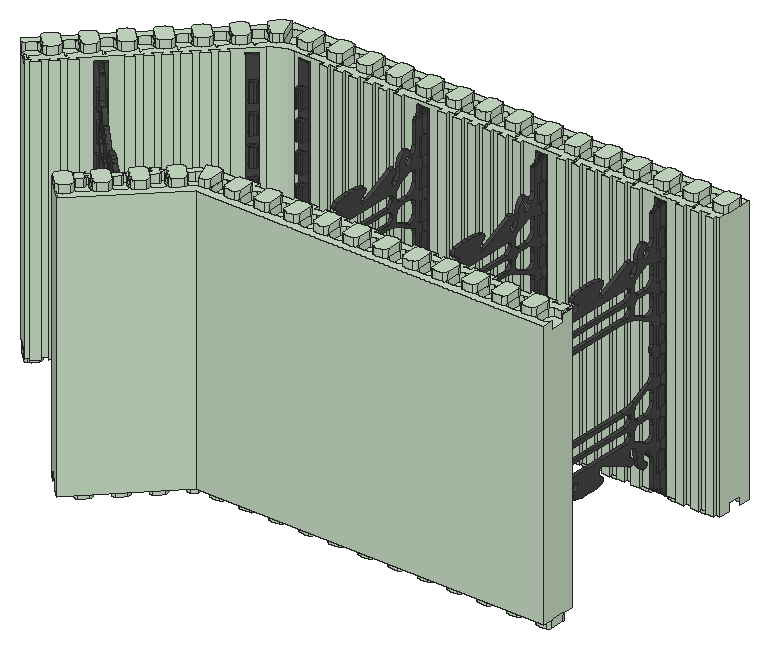
Revit family
Reference planes (in)
  plane 1 "Center (Front/Back)": y = 0
  plane 2: z = 0
  plane 3 "Center (Left/Right)": x = 0
  plane 4: y = 6
  plane 5: y = -6
  plane 6: through (-3.36396, 5.12132, 48) normal (0.7071, -0.7071, 0)
  plane 7: through (4.67464, 4.67464, 48) normal (0.7071, -0.7071, 0)
  plane 8: through (8.91728, 0.432, 48) normal (0.7071, -0.7071, 0)
  plane 9: z = 18
Forms (in)
  Extrusion 1, solid, material "NUDURA Expanded Polystyrene Foam Insulation"
    sketch origin (0, 0, 0) x (1, 0, 0) y (0, 1, 0)
      loop
        line (-3.57259, 8.625) -> (-13.84753, -1.64994) -> (-12.16815, -3.32932) -> (-11.96934, -3.13051) -> (-11.83664, -3.35136) -> (-11.43901, -2.95373) -> (-11.65986, -2.82103) -> (-11.26223, -2.4234) -> (-11.12953, -2.64425) -> (-10.7319, -2.24662) -> (-10.95276, -2.11392) -> (-10.55513, -1.71629) -> (-10.42243, -1.93714) -> (-10.0248, -1.53952) -> (-10.24565, -1.40681) -> (-8.43381, 0.40503) -> (-8.30111, 0.18418) -> (-7.90348, 0.58181) -> (-8.12433, 0.71451) -> (-7.7267, 1.11214) -> (-7.594, 0.89128) -> (-7.19637, 1.28891) -> (-7.41722, 1.42161) -> (-7.01959, 1.81924) -> (-6.88689, 1.59839) -> (-6.48926, 1.99602) -> (-6.71011, 2.12872) -> (-6.31249, 2.52635) -> (-6.17978, 2.3055) -> (-5.78216, 2.70313) -> (-6.00301, 2.83583) -> (-5.60538, 3.23346) -> (-5.47268, 3.0126) -> (-5.07505, 3.41023) -> (-5.2959, 3.54293) -> (-4.89827, 3.94056) -> (-4.76557, 3.71971) -> (-4.36794, 4.11734) -> (-4.58879, 4.25004) -> (-3.17462, 5.66421)
        arc (-3.17462, 5.66421) -> (-2.52577, 6.09776) -> (-1.76041, 6.25) r 2
        line (-1.76041, 6.25) -> (0.23954, 6.25) -> (0.1772, 6) -> (0.73954, 6) -> (0.6772, 6.25) -> (1.23954, 6.25) -> (1.1772, 6) -> (1.73954, 6) -> (1.6772, 6.25) -> (2.23954, 6.25) -> (2.1772, 6) -> (2.73954, 6) -> (2.6772, 6.25) -> (3.23954, 6.25) -> (3.1772, 6) -> (3.73954, 6) -> (3.6772, 6.25) -> (4.23954, 6.25) -> (4.1772, 6) -> (4.73954, 6) -> (4.6772, 6.25) -> (5.23954, 6.25) -> (5.1772, 6) -> (5.73954, 6) -> (5.6772, 6.25) -> (8.23954, 6.25) -> (8.1772, 6) -> (8.73954, 6) -> (8.6772, 6.25) -> (9.23954, 6.25) -> (9.1772, 6) -> (9.73954, 6) -> (9.6772, 6.25) -> (10.23954, 6.25) -> (10.1772, 6) -> (10.73954, 6) -> (10.6772, 6.25) -> (11.23954, 6.25) -> (11.1772, 6) -> (11.73954, 6) -> (11.6772, 6.25) -> (12.23954, 6.25) -> (12.1772, 6) -> (12.73954, 6) -> (12.6772, 6.25) -> (13.23954, 6.25) -> (13.1772, 6) -> (13.73954, 6) -> (13.6772, 6.25) -> (16.23954, 6.25) -> (16.1772, 6) -> (16.73954, 6) -> (16.6772, 6.25) -> (17.23954, 6.25) -> (17.1772, 6) -> (17.73954, 6) -> (17.6772, 6.25) -> (18.23954, 6.25) -> (18.1772, 6) -> (18.73954, 6) -> (18.6772, 6.25) -> (19.23954, 6.25) -> (19.1772, 6) -> (19.73954, 6) -> (19.6772, 6.25) -> (20.23954, 6.25) -> (20.1772, 6) -> (20.73954, 6) -> (20.6772, 6.25) -> (21.23954, 6.25) -> (21.1772, 6) -> (21.73954, 6) -> (21.6772, 6.25) -> (24.23954, 6.25) -> (24.1772, 6) -> (24.73954, 6) -> (24.6772, 6.25) -> (25.23954, 6.25) -> (25.1772, 6) -> (25.73954, 6) -> (25.6772, 6.25) -> (26.23954, 6.25) -> (26.1772, 6) -> (26.73954, 6) -> (26.6772, 6.25) -> (26.95837, 6.25) -> (26.95837, 8.625) -> (-3.57259, 8.625)
      loop
        line (26.95837, -6.25) -> (26.6772, -6.25) -> (26.73954, -6) -> (26.1772, -6) -> (26.23954, -6.25) -> (25.6772, -6.25) -> (25.73954, -6) -> (25.1772, -6) -> (25.23954, -6.25) -> (24.6772, -6.25) -> (24.73954, -6) -> (24.1772, -6) -> (24.23954, -6.25) -> (21.6772, -6.25) -> (21.73954, -6) -> (21.1772, -6) -> (21.23954, -6.25) -> (20.6772, -6.25) -> (20.73954, -6) -> (20.1772, -6) -> (20.23954, -6.25) -> (19.6772, -6.25) -> (19.73954, -6) -> (19.1772, -6) -> (19.23954, -6.25) -> (18.6772, -6.25) -> (18.73954, -6) -> (18.1772, -6) -> (18.23954, -6.25) -> (17.6772, -6.25) -> (17.73954, -6) -> (17.1772, -6) -> (17.23954, -6.25) -> (16.6772, -6.25) -> (16.73954, -6) -> (16.1772, -6) -> (16.23954, -6.25) -> (13.6772, -6.25) -> (13.73954, -6) -> (13.1772, -6) -> (13.23954, -6.25) -> (12.6772, -6.25) -> (12.73954, -6) -> (12.1772, -6) -> (12.23954, -6.25) -> (11.6772, -6.25) -> (11.73954, -6) -> (11.1772, -6) -> (11.23954, -6.25) -> (10.6772, -6.25) -> (10.73954, -6) -> (10.1772, -6) -> (10.23954, -6.25) -> (9.6772, -6.25) -> (9.73954, -6) -> (9.1772, -6) -> (9.23954, -6.25) -> (8.6772, -6.25) -> (8.73954, -6) -> (8.1772, -6) -> (8.23954, -6.25) -> (5.6772, -6.25) -> (5.73954, -6) -> (5.1772, -6) -> (5.23954, -6.25) -> (3.41726, -6.25)
        arc (3.41726, -6.25) -> (2.6519, -6.40224) -> (2.00305, -6.83579) r 2
        line (2.00305, -6.83579) -> (1.42161, -7.41722) -> (1.28891, -7.19637) -> (0.89128, -7.594) -> (1.11214, -7.7267) -> (0.71451, -8.12433) -> (0.58181, -7.90348) -> (0.18418, -8.30111) -> (0.40503, -8.43381) -> (-1.40681, -10.24565) -> (-1.53952, -10.0248) -> (-1.93714, -10.42243) -> (-1.71629, -10.55513) -> (-2.11392, -10.95276) -> (-2.24662, -10.7319) -> (-2.64425, -11.12953) -> (-2.4234, -11.26223) -> (-2.82103, -11.65986) -> (-2.95373, -11.43901) -> (-3.35136, -11.83664) -> (-3.13051, -11.96934) -> (-3.32932, -12.16815) -> (-1.64994, -13.84753) -> (3.57259, -8.625) -> (26.95837, -8.625) -> (26.95837, -6.25)
    from 0 to 18
  Extrusion 2, solid, material "NUDURA Expanded Polystyrene Foam Insulation"
    sketch origin (-1.24264, 3, 0) x (1, 0, 0) y (0, 1, 0)
      loop
        line (-1.52741, 3.6875) -> (-2.09947, 5.06856)
        arc (-2.09947, 5.06856) -> (-2.3696, 4.92417) -> (-2.60638, 4.72985) r 1.5625
        line (-2.60638, 4.72985) -> (-2.74959, 4.58664)
        arc (-2.74959, 4.58664) -> (-2.85744, 4.46046) -> (-2.94431, 4.31902) r 1.0625
        arc (-2.94431, 4.31902) -> (-2.96867, 4.16628) -> (-2.8985, 4.02844) r 0.25
        line (-2.8985, 4.02844) -> (-2.24713, 3.37708)
        arc (-2.24713, 3.37708) -> (-2.10929, 3.3069) -> (-1.95655, 3.33126) r 0.25
        arc (-1.95655, 3.33126) -> (-1.81511, 3.41814) -> (-1.68893, 3.52598) r 1.0625
        line (-1.68893, 3.52598) -> (-1.52741, 3.6875)
    from 18 to 18.5
  Extrusion 3, solid, material "NUDURA Expanded Polystyrene Foam Insulation"
    sketch origin (-1.24264, 3, 0) x (1, 0, 0) y (0, 1, 0)
      loop
        line (-1.52741, 3.6875) -> (-1.29899, 3.6875)
        arc (-1.29899, 3.6875) -> (-1.13351, 3.70047) -> (-0.97207, 3.73905) r 1.0625
        arc (-0.97207, 3.73905) -> (-0.84684, 3.82983) -> (-0.79899, 3.97692) r 0.25
        line (-0.79899, 3.97692) -> (-0.79899, 4.89808)
        arc (-0.79899, 4.89808) -> (-0.84684, 5.04517) -> (-0.97207, 5.13595) r 0.25
        arc (-0.97207, 5.13595) -> (-1.13351, 5.17453) -> (-1.29899, 5.1875) r 1.0625
        line (-1.29899, 5.1875) -> (-1.50152, 5.1875)
        arc (-1.50152, 5.1875) -> (-1.80635, 5.15748) -> (-2.09947, 5.06856) r 1.5625
        line (-2.09947, 5.06856) -> (-1.52741, 3.6875)
    from 0 to -0.5
  Extrusion 4, void
    sketch origin (1.57355, -2.64461, 0) x (1, 0, 0) y (0, 1, 0)
      loop
        arc (-1.33783, -8.60117) -> (-1.07021, -8.40645) -> (-0.87549, -8.13883) r 1.0625
        arc (-0.87549, -8.13883) -> (-0.85114, -7.98608) -> (-0.92131, -7.84824) r 0.25
        line (-0.92131, -7.84824) -> (-1.57267, -7.19688)
        arc (-1.57267, -7.19688) -> (-1.64938, -7.14456) -> (-1.7399, -7.12384) r 0.25
        arc (-1.7399, -7.12384) -> (-1.76253, -7.11866) -> (-1.78171, -7.10558) r 0.0625
        line (-1.78171, -7.10558) -> (-2.02643, -6.86086) -> (-2.14723, -6.98165) -> (-1.99053, -7.13835)
        arc (-1.99053, -7.13835) -> (-1.97244, -7.18765) -> (-1.99833, -7.23335) r 0.0625
        arc (-1.99833, -7.23335) -> (-2.18471, -7.40379) -> (-2.32559, -7.6134) r 1.0625
        arc (-2.32559, -7.6134) -> (-2.34995, -7.76615) -> (-2.27978, -7.90399) r 0.25
        line (-2.27978, -7.90399) -> (-1.62842, -8.55535)
        arc (-1.62842, -8.55535) -> (-1.49058, -8.62552) -> (-1.33783, -8.60117) r 0.25
    from 18 to 17.5
  Extrusion 5, void
    sketch origin (2.98776, -1.2304, 0) x (1, 0, 0) y (0, 1, 0)
      loop
        arc (-1.33783, -8.60117) -> (-1.07021, -8.40645) -> (-0.87549, -8.13883) r 1.0625
        arc (-0.87549, -8.13883) -> (-0.85114, -7.98608) -> (-0.92131, -7.84824) r 0.25
        line (-0.92131, -7.84824) -> (-1.57267, -7.19688)
        arc (-1.57267, -7.19688) -> (-1.64938, -7.14456) -> (-1.7399, -7.12384) r 0.25
        arc (-1.7399, -7.12384) -> (-1.76253, -7.11866) -> (-1.78171, -7.10558) r 0.0625
        line (-1.78171, -7.10558) -> (-2.02643, -6.86086) -> (-2.14723, -6.98165) -> (-1.99053, -7.13835)
        arc (-1.99053, -7.13835) -> (-1.97244, -7.18765) -> (-1.99833, -7.23335) r 0.0625
        arc (-1.99833, -7.23335) -> (-2.18471, -7.40379) -> (-2.32559, -7.6134) r 1.0625
        arc (-2.32559, -7.6134) -> (-2.34995, -7.76615) -> (-2.27978, -7.90399) r 0.25
        line (-2.27978, -7.90399) -> (-1.62842, -8.55535)
        arc (-1.62842, -8.55535) -> (-1.49058, -8.62552) -> (-1.33783, -8.60117) r 0.25
    from 18 to 17.5
  Extrusion 6, void
    sketch origin (13.15938, -3, 0) x (0.707107, -0.707107, 0) y (0.707107, 0.707107, 0)
      loop
        arc (-1.33783, -8.60117) -> (-1.07021, -8.40645) -> (-0.87549, -8.13883) r 1.0625
        arc (-0.87549, -8.13883) -> (-0.85114, -7.98608) -> (-0.92131, -7.84824) r 0.25
        line (-0.92131, -7.84824) -> (-1.57267, -7.19688)
        arc (-1.57267, -7.19688) -> (-1.64938, -7.14456) -> (-1.7399, -7.12384) r 0.25
        arc (-1.7399, -7.12384) -> (-1.76253, -7.11866) -> (-1.78171, -7.10558) r 0.0625
        line (-1.78171, -7.10558) -> (-2.02643, -6.86086) -> (-2.14723, -6.98165) -> (-1.99053, -7.13835)
        arc (-1.99053, -7.13835) -> (-1.97244, -7.18765) -> (-1.99833, -7.23335) r 0.0625
        arc (-1.99833, -7.23335) -> (-2.18471, -7.40379) -> (-2.32559, -7.6134) r 1.0625
        arc (-2.32559, -7.6134) -> (-2.34995, -7.76615) -> (-2.27978, -7.90399) r 0.25
        line (-2.27978, -7.90399) -> (-1.62842, -8.55535)
        arc (-1.62842, -8.55535) -> (-1.49058, -8.62552) -> (-1.33783, -8.60117) r 0.25
    from 18 to 17.5
  Extrusion 7, void
    sketch origin (15.15938, -3, 0) x (0.707107, -0.707107, 0) y (0.707107, 0.707107, 0)
      loop
        arc (-1.33783, -8.60117) -> (-1.07021, -8.40645) -> (-0.87549, -8.13883) r 1.0625
        arc (-0.87549, -8.13883) -> (-0.85114, -7.98608) -> (-0.92131, -7.84824) r 0.25
        line (-0.92131, -7.84824) -> (-1.57267, -7.19688)
        arc (-1.57267, -7.19688) -> (-1.64938, -7.14456) -> (-1.7399, -7.12384) r 0.25
        arc (-1.7399, -7.12384) -> (-1.76253, -7.11866) -> (-1.78171, -7.10558) r 0.0625
        line (-1.78171, -7.10558) -> (-2.02643, -6.86086) -> (-2.14723, -6.98165) -> (-1.99053, -7.13835)
        arc (-1.99053, -7.13835) -> (-1.97244, -7.18765) -> (-1.99833, -7.23335) r 0.0625
        arc (-1.99833, -7.23335) -> (-2.18471, -7.40379) -> (-2.32559, -7.6134) r 1.0625
        arc (-2.32559, -7.6134) -> (-2.34995, -7.76615) -> (-2.27978, -7.90399) r 0.25
        line (-2.27978, -7.90399) -> (-1.62842, -8.55535)
        arc (-1.62842, -8.55535) -> (-1.49058, -8.62552) -> (-1.33783, -8.60117) r 0.25
    from 18 to 17.5
  Extrusion 8, void
    sketch origin (17.15938, -3, 0) x (0.707107, -0.707107, 0) y (0.707107, 0.707107, 0)
      loop
        arc (-1.33783, -8.60117) -> (-1.07021, -8.40645) -> (-0.87549, -8.13883) r 1.0625
        arc (-0.87549, -8.13883) -> (-0.85114, -7.98608) -> (-0.92131, -7.84824) r 0.25
        line (-0.92131, -7.84824) -> (-1.57267, -7.19688)
        arc (-1.57267, -7.19688) -> (-1.64938, -7.14456) -> (-1.7399, -7.12384) r 0.25
        arc (-1.7399, -7.12384) -> (-1.76253, -7.11866) -> (-1.78171, -7.10558) r 0.0625
        line (-1.78171, -7.10558) -> (-2.02643, -6.86086) -> (-2.14723, -6.98165) -> (-1.99053, -7.13835)
        arc (-1.99053, -7.13835) -> (-1.97244, -7.18765) -> (-1.99833, -7.23335) r 0.0625
        arc (-1.99833, -7.23335) -> (-2.18471, -7.40379) -> (-2.32559, -7.6134) r 1.0625
        arc (-2.32559, -7.6134) -> (-2.34995, -7.76615) -> (-2.27978, -7.90399) r 0.25
        line (-2.27978, -7.90399) -> (-1.62842, -8.55535)
        arc (-1.62842, -8.55535) -> (-1.49058, -8.62552) -> (-1.33783, -8.60117) r 0.25
    from 18 to 17.5
  Extrusion 9, void
    sketch origin (19.15938, -3, 0) x (0.707107, -0.707107, 0) y (0.707107, 0.707107, 0)
      loop
        arc (-1.33783, -8.60117) -> (-1.07021, -8.40645) -> (-0.87549, -8.13883) r 1.0625
        arc (-0.87549, -8.13883) -> (-0.85114, -7.98608) -> (-0.92131, -7.84824) r 0.25
        line (-0.92131, -7.84824) -> (-1.57267, -7.19688)
        arc (-1.57267, -7.19688) -> (-1.64938, -7.14456) -> (-1.7399, -7.12384) r 0.25
        arc (-1.7399, -7.12384) -> (-1.76253, -7.11866) -> (-1.78171, -7.10558) r 0.0625
        line (-1.78171, -7.10558) -> (-2.02643, -6.86086) -> (-2.14723, -6.98165) -> (-1.99053, -7.13835)
        arc (-1.99053, -7.13835) -> (-1.97244, -7.18765) -> (-1.99833, -7.23335) r 0.0625
        arc (-1.99833, -7.23335) -> (-2.18471, -7.40379) -> (-2.32559, -7.6134) r 1.0625
        arc (-2.32559, -7.6134) -> (-2.34995, -7.76615) -> (-2.27978, -7.90399) r 0.25
        line (-2.27978, -7.90399) -> (-1.62842, -8.55535)
        arc (-1.62842, -8.55535) -> (-1.49058, -8.62552) -> (-1.33783, -8.60117) r 0.25
    from 18 to 17.5
  Extrusion 10, void
    sketch origin (21.15938, -3, 0) x (0.707107, -0.707107, 0) y (0.707107, 0.707107, 0)
      loop
        arc (-1.33783, -8.60117) -> (-1.07021, -8.40645) -> (-0.87549, -8.13883) r 1.0625
        arc (-0.87549, -8.13883) -> (-0.85114, -7.98608) -> (-0.92131, -7.84824) r 0.25
        line (-0.92131, -7.84824) -> (-1.57267, -7.19688)
        arc (-1.57267, -7.19688) -> (-1.64938, -7.14456) -> (-1.7399, -7.12384) r 0.25
        arc (-1.7399, -7.12384) -> (-1.76253, -7.11866) -> (-1.78171, -7.10558) r 0.0625
        line (-1.78171, -7.10558) -> (-2.02643, -6.86086) -> (-2.14723, -6.98165) -> (-1.99053, -7.13835)
        arc (-1.99053, -7.13835) -> (-1.97244, -7.18765) -> (-1.99833, -7.23335) r 0.0625
        arc (-1.99833, -7.23335) -> (-2.18471, -7.40379) -> (-2.32559, -7.6134) r 1.0625
        arc (-2.32559, -7.6134) -> (-2.34995, -7.76615) -> (-2.27978, -7.90399) r 0.25
        line (-2.27978, -7.90399) -> (-1.62842, -8.55535)
        arc (-1.62842, -8.55535) -> (-1.49058, -8.62552) -> (-1.33783, -8.60117) r 0.25
    from 18 to 17.5
  Extrusion 11, void
    sketch origin (23.15938, -3, 0) x (0.707107, -0.707107, 0) y (0.707107, 0.707107, 0)
      loop
        arc (-1.33783, -8.60117) -> (-1.07021, -8.40645) -> (-0.87549, -8.13883) r 1.0625
        arc (-0.87549, -8.13883) -> (-0.85114, -7.98608) -> (-0.92131, -7.84824) r 0.25
        line (-0.92131, -7.84824) -> (-1.57267, -7.19688)
        arc (-1.57267, -7.19688) -> (-1.64938, -7.14456) -> (-1.7399, -7.12384) r 0.25
        arc (-1.7399, -7.12384) -> (-1.76253, -7.11866) -> (-1.78171, -7.10558) r 0.0625
        line (-1.78171, -7.10558) -> (-2.02643, -6.86086) -> (-2.14723, -6.98165) -> (-1.99053, -7.13835)
        arc (-1.99053, -7.13835) -> (-1.97244, -7.18765) -> (-1.99833, -7.23335) r 0.0625
        arc (-1.99833, -7.23335) -> (-2.18471, -7.40379) -> (-2.32559, -7.6134) r 1.0625
        arc (-2.32559, -7.6134) -> (-2.34995, -7.76615) -> (-2.27978, -7.90399) r 0.25
        line (-2.27978, -7.90399) -> (-1.62842, -8.55535)
        arc (-1.62842, -8.55535) -> (-1.49058, -8.62552) -> (-1.33783, -8.60117) r 0.25
    from 18 to 17.5
  Extrusion 12, void
    sketch origin (25.15938, -3, 0) x (0.707107, -0.707107, 0) y (0.707107, 0.707107, 0)
      loop
        arc (-1.33783, -8.60117) -> (-1.07021, -8.40645) -> (-0.87549, -8.13883) r 1.0625
        arc (-0.87549, -8.13883) -> (-0.85114, -7.98608) -> (-0.92131, -7.84824) r 0.25
        line (-0.92131, -7.84824) -> (-1.57267, -7.19688)
        arc (-1.57267, -7.19688) -> (-1.64938, -7.14456) -> (-1.7399, -7.12384) r 0.25
        arc (-1.7399, -7.12384) -> (-1.76253, -7.11866) -> (-1.78171, -7.10558) r 0.0625
        line (-1.78171, -7.10558) -> (-2.02643, -6.86086) -> (-2.14723, -6.98165) -> (-1.99053, -7.13835)
        arc (-1.99053, -7.13835) -> (-1.97244, -7.18765) -> (-1.99833, -7.23335) r 0.0625
        arc (-1.99833, -7.23335) -> (-2.18471, -7.40379) -> (-2.32559, -7.6134) r 1.0625
        arc (-2.32559, -7.6134) -> (-2.34995, -7.76615) -> (-2.27978, -7.90399) r 0.25
        line (-2.27978, -7.90399) -> (-1.62842, -8.55535)
        arc (-1.62842, -8.55535) -> (-1.49058, -8.62552) -> (-1.33783, -8.60117) r 0.25
    from 18 to 17.5
  Extrusion 13, void
    sketch origin (27.15938, -3, 0) x (0.707107, -0.707107, 0) y (0.707107, 0.707107, 0)
      loop
        arc (-1.33783, -8.60117) -> (-1.07021, -8.40645) -> (-0.87549, -8.13883) r 1.0625
        arc (-0.87549, -8.13883) -> (-0.85114, -7.98608) -> (-0.92131, -7.84824) r 0.25
        line (-0.92131, -7.84824) -> (-1.57267, -7.19688)
        arc (-1.57267, -7.19688) -> (-1.64938, -7.14456) -> (-1.7399, -7.12384) r 0.25
        arc (-1.7399, -7.12384) -> (-1.76253, -7.11866) -> (-1.78171, -7.10558) r 0.0625
        line (-1.78171, -7.10558) -> (-2.02643, -6.86086) -> (-2.14723, -6.98165) -> (-1.99053, -7.13835)
        arc (-1.99053, -7.13835) -> (-1.97244, -7.18765) -> (-1.99833, -7.23335) r 0.0625
        arc (-1.99833, -7.23335) -> (-2.18471, -7.40379) -> (-2.32559, -7.6134) r 1.0625
        arc (-2.32559, -7.6134) -> (-2.34995, -7.76615) -> (-2.27978, -7.90399) r 0.25
        line (-2.27978, -7.90399) -> (-1.62842, -8.55535)
        arc (-1.62842, -8.55535) -> (-1.49058, -8.62552) -> (-1.33783, -8.60117) r 0.25
    from 18 to 17.5
  Extrusion 14, void
    sketch origin (29.15938, -3, 0) x (0.707107, -0.707107, 0) y (0.707107, 0.707107, 0)
      loop
        arc (-1.33783, -8.60117) -> (-1.07021, -8.40645) -> (-0.87549, -8.13883) r 1.0625
        arc (-0.87549, -8.13883) -> (-0.85114, -7.98608) -> (-0.92131, -7.84824) r 0.25
        line (-0.92131, -7.84824) -> (-1.57267, -7.19688)
        arc (-1.57267, -7.19688) -> (-1.64938, -7.14456) -> (-1.7399, -7.12384) r 0.25
        arc (-1.7399, -7.12384) -> (-1.76253, -7.11866) -> (-1.78171, -7.10558) r 0.0625
        line (-1.78171, -7.10558) -> (-2.02643, -6.86086) -> (-2.14723, -6.98165) -> (-1.99053, -7.13835)
        arc (-1.99053, -7.13835) -> (-1.97244, -7.18765) -> (-1.99833, -7.23335) r 0.0625
        arc (-1.99833, -7.23335) -> (-2.18471, -7.40379) -> (-2.32559, -7.6134) r 1.0625
        arc (-2.32559, -7.6134) -> (-2.34995, -7.76615) -> (-2.27978, -7.90399) r 0.25
        line (-2.27978, -7.90399) -> (-1.62842, -8.55535)
        arc (-1.62842, -8.55535) -> (-1.49058, -8.62552) -> (-1.33783, -8.60117) r 0.25
    from 18 to 17.5
  Extrusion 15, void
    sketch origin (31.15938, -3, 0) x (0.707107, -0.707107, 0) y (0.707107, 0.707107, 0)
      loop
        arc (-1.33783, -8.60117) -> (-1.07021, -8.40645) -> (-0.87549, -8.13883) r 1.0625
        arc (-0.87549, -8.13883) -> (-0.85114, -7.98608) -> (-0.92131, -7.84824) r 0.25
        line (-0.92131, -7.84824) -> (-1.57267, -7.19688)
        arc (-1.57267, -7.19688) -> (-1.64938, -7.14456) -> (-1.7399, -7.12384) r 0.25
        arc (-1.7399, -7.12384) -> (-1.76253, -7.11866) -> (-1.78171, -7.10558) r 0.0625
        line (-1.78171, -7.10558) -> (-2.02643, -6.86086) -> (-2.14723, -6.98165) -> (-1.99053, -7.13835)
        arc (-1.99053, -7.13835) -> (-1.97244, -7.18765) -> (-1.99833, -7.23335) r 0.0625
        arc (-1.99833, -7.23335) -> (-2.18471, -7.40379) -> (-2.32559, -7.6134) r 1.0625
        arc (-2.32559, -7.6134) -> (-2.34995, -7.76615) -> (-2.27978, -7.90399) r 0.25
        line (-2.27978, -7.90399) -> (-1.62842, -8.55535)
        arc (-1.62842, -8.55535) -> (-1.49058, -8.62552) -> (-1.33783, -8.60117) r 0.25
    from 18 to 17.5
  Extrusion 16, void
    sketch origin (33.15938, -3, 0) x (0.707107, -0.707107, 0) y (0.707107, 0.707107, 0)
      loop
        arc (-1.33783, -8.60117) -> (-1.07021, -8.40645) -> (-0.87549, -8.13883) r 1.0625
        arc (-0.87549, -8.13883) -> (-0.85114, -7.98608) -> (-0.92131, -7.84824) r 0.25
        line (-0.92131, -7.84824) -> (-1.57267, -7.19688)
        arc (-1.57267, -7.19688) -> (-1.64938, -7.14456) -> (-1.7399, -7.12384) r 0.25
        arc (-1.7399, -7.12384) -> (-1.76253, -7.11866) -> (-1.78171, -7.10558) r 0.0625
        line (-1.78171, -7.10558) -> (-2.02643, -6.86086) -> (-2.14723, -6.98165) -> (-1.99053, -7.13835)
        arc (-1.99053, -7.13835) -> (-1.97244, -7.18765) -> (-1.99833, -7.23335) r 0.0625
        arc (-1.99833, -7.23335) -> (-2.18471, -7.40379) -> (-2.32559, -7.6134) r 1.0625
        arc (-2.32559, -7.6134) -> (-2.34995, -7.76615) -> (-2.27978, -7.90399) r 0.25
        line (-2.27978, -7.90399) -> (-1.62842, -8.55535)
        arc (-1.62842, -8.55535) -> (-1.49058, -8.62552) -> (-1.33783, -8.60117) r 0.25
    from 18 to 17.5
  Extrusion 17, void
    sketch origin (12.75736, 3, 0) x (-0.707107, 0.707107, 0) y (-0.707107, -0.707107, 0)
      loop
        arc (-1.33783, -8.60117) -> (-1.07021, -8.40645) -> (-0.87549, -8.13883) r 1.0625
        arc (-0.87549, -8.13883) -> (-0.85114, -7.98608) -> (-0.92131, -7.84824) r 0.25
        line (-0.92131, -7.84824) -> (-1.57267, -7.19688)
        arc (-1.57267, -7.19688) -> (-1.64938, -7.14456) -> (-1.7399, -7.12384) r 0.25
        arc (-1.7399, -7.12384) -> (-1.76253, -7.11866) -> (-1.78171, -7.10558) r 0.0625
        line (-1.78171, -7.10558) -> (-2.02643, -6.86086) -> (-2.14723, -6.98165) -> (-1.99053, -7.13835)
        arc (-1.99053, -7.13835) -> (-1.97244, -7.18765) -> (-1.99833, -7.23335) r 0.0625
        arc (-1.99833, -7.23335) -> (-2.18471, -7.40379) -> (-2.32559, -7.6134) r 1.0625
        arc (-2.32559, -7.6134) -> (-2.34995, -7.76615) -> (-2.27978, -7.90399) r 0.25
        line (-2.27978, -7.90399) -> (-1.62842, -8.55535)
        arc (-1.62842, -8.55535) -> (-1.49058, -8.62552) -> (-1.33783, -8.60117) r 0.25
    from 18 to 17.5
  Extrusion 18, void
    sketch origin (14.75736, 3, 0) x (-0.707107, 0.707107, 0) y (-0.707107, -0.707107, 0)
      loop
        arc (-1.33783, -8.60117) -> (-1.07021, -8.40645) -> (-0.87549, -8.13883) r 1.0625
        arc (-0.87549, -8.13883) -> (-0.85114, -7.98608) -> (-0.92131, -7.84824) r 0.25
        line (-0.92131, -7.84824) -> (-1.57267, -7.19688)
        arc (-1.57267, -7.19688) -> (-1.64938, -7.14456) -> (-1.7399, -7.12384) r 0.25
        arc (-1.7399, -7.12384) -> (-1.76253, -7.11866) -> (-1.78171, -7.10558) r 0.0625
        line (-1.78171, -7.10558) -> (-2.02643, -6.86086) -> (-2.14723, -6.98165) -> (-1.99053, -7.13835)
        arc (-1.99053, -7.13835) -> (-1.97244, -7.18765) -> (-1.99833, -7.23335) r 0.0625
        arc (-1.99833, -7.23335) -> (-2.18471, -7.40379) -> (-2.32559, -7.6134) r 1.0625
        arc (-2.32559, -7.6134) -> (-2.34995, -7.76615) -> (-2.27978, -7.90399) r 0.25
        line (-2.27978, -7.90399) -> (-1.62842, -8.55535)
        arc (-1.62842, -8.55535) -> (-1.49058, -8.62552) -> (-1.33783, -8.60117) r 0.25
    from 18 to 17.5
  Extrusion 19, void
    sketch origin (10.75736, 3, 0) x (-0.707107, 0.707107, 0) y (-0.707107, -0.707107, 0)
      loop
        arc (-1.33783, -8.60117) -> (-1.07021, -8.40645) -> (-0.87549, -8.13883) r 1.0625
        arc (-0.87549, -8.13883) -> (-0.85114, -7.98608) -> (-0.92131, -7.84824) r 0.25
        line (-0.92131, -7.84824) -> (-1.57267, -7.19688)
        arc (-1.57267, -7.19688) -> (-1.64938, -7.14456) -> (-1.7399, -7.12384) r 0.25
        arc (-1.7399, -7.12384) -> (-1.76253, -7.11866) -> (-1.78171, -7.10558) r 0.0625
        line (-1.78171, -7.10558) -> (-2.02643, -6.86086) -> (-2.14723, -6.98165) -> (-1.99053, -7.13835)
        arc (-1.99053, -7.13835) -> (-1.97244, -7.18765) -> (-1.99833, -7.23335) r 0.0625
        arc (-1.99833, -7.23335) -> (-2.18471, -7.40379) -> (-2.32559, -7.6134) r 1.0625
        arc (-2.32559, -7.6134) -> (-2.34995, -7.76615) -> (-2.27978, -7.90399) r 0.25
        line (-2.27978, -7.90399) -> (-1.62842, -8.55535)
        arc (-1.62842, -8.55535) -> (-1.49058, -8.62552) -> (-1.33783, -8.60117) r 0.25
    from 18 to 17.5
  Extrusion 20, void
    sketch origin (8.75736, 3, 0) x (-0.707107, 0.707107, 0) y (-0.707107, -0.707107, 0)
      loop
        arc (-1.33783, -8.60117) -> (-1.07021, -8.40645) -> (-0.87549, -8.13883) r 1.0625
        arc (-0.87549, -8.13883) -> (-0.85114, -7.98608) -> (-0.92131, -7.84824) r 0.25
        line (-0.92131, -7.84824) -> (-1.57267, -7.19688)
        arc (-1.57267, -7.19688) -> (-1.64938, -7.14456) -> (-1.7399, -7.12384) r 0.25
        arc (-1.7399, -7.12384) -> (-1.76253, -7.11866) -> (-1.78171, -7.10558) r 0.0625
        line (-1.78171, -7.10558) -> (-2.02643, -6.86086) -> (-2.14723, -6.98165) -> (-1.99053, -7.13835)
        arc (-1.99053, -7.13835) -> (-1.97244, -7.18765) -> (-1.99833, -7.23335) r 0.0625
        arc (-1.99833, -7.23335) -> (-2.18471, -7.40379) -> (-2.32559, -7.6134) r 1.0625
        arc (-2.32559, -7.6134) -> (-2.34995, -7.76615) -> (-2.27978, -7.90399) r 0.25
        line (-2.27978, -7.90399) -> (-1.62842, -8.55535)
        arc (-1.62842, -8.55535) -> (-1.49058, -8.62552) -> (-1.33783, -8.60117) r 0.25
    from 18 to 17.5
  Extrusion 21, void
    sketch origin (6.75736, 3, 0) x (-0.707107, 0.707107, 0) y (-0.707107, -0.707107, 0)
      loop
        arc (-1.33783, -8.60117) -> (-1.07021, -8.40645) -> (-0.87549, -8.13883) r 1.0625
        arc (-0.87549, -8.13883) -> (-0.85114, -7.98608) -> (-0.92131, -7.84824) r 0.25
        line (-0.92131, -7.84824) -> (-1.57267, -7.19688)
        arc (-1.57267, -7.19688) -> (-1.64938, -7.14456) -> (-1.7399, -7.12384) r 0.25
        arc (-1.7399, -7.12384) -> (-1.76253, -7.11866) -> (-1.78171, -7.10558) r 0.0625
        line (-1.78171, -7.10558) -> (-2.02643, -6.86086) -> (-2.14723, -6.98165) -> (-1.99053, -7.13835)
        arc (-1.99053, -7.13835) -> (-1.97244, -7.18765) -> (-1.99833, -7.23335) r 0.0625
        arc (-1.99833, -7.23335) -> (-2.18471, -7.40379) -> (-2.32559, -7.6134) r 1.0625
        arc (-2.32559, -7.6134) -> (-2.34995, -7.76615) -> (-2.27978, -7.90399) r 0.25
        line (-2.27978, -7.90399) -> (-1.62842, -8.55535)
        arc (-1.62842, -8.55535) -> (-1.49058, -8.62552) -> (-1.33783, -8.60117) r 0.25
    from 18 to 17.5
  Extrusion 22, void
    sketch origin (4.75736, 3, 0) x (-0.707107, 0.707107, 0) y (-0.707107, -0.707107, 0)
      loop
        arc (-1.33783, -8.60117) -> (-1.07021, -8.40645) -> (-0.87549, -8.13883) r 1.0625
        arc (-0.87549, -8.13883) -> (-0.85114, -7.98608) -> (-0.92131, -7.84824) r 0.25
        line (-0.92131, -7.84824) -> (-1.57267, -7.19688)
        arc (-1.57267, -7.19688) -> (-1.64938, -7.14456) -> (-1.7399, -7.12384) r 0.25
        arc (-1.7399, -7.12384) -> (-1.76253, -7.11866) -> (-1.78171, -7.10558) r 0.0625
        line (-1.78171, -7.10558) -> (-2.02643, -6.86086) -> (-2.14723, -6.98165) -> (-1.99053, -7.13835)
        arc (-1.99053, -7.13835) -> (-1.97244, -7.18765) -> (-1.99833, -7.23335) r 0.0625
        arc (-1.99833, -7.23335) -> (-2.18471, -7.40379) -> (-2.32559, -7.6134) r 1.0625
        arc (-2.32559, -7.6134) -> (-2.34995, -7.76615) -> (-2.27978, -7.90399) r 0.25
        line (-2.27978, -7.90399) -> (-1.62842, -8.55535)
        arc (-1.62842, -8.55535) -> (-1.49058, -8.62552) -> (-1.33783, -8.60117) r 0.25
    from 18 to 17.5
  Extrusion 23, void
    sketch origin (2.75736, 3, 0) x (-0.707107, 0.707107, 0) y (-0.707107, -0.707107, 0)
      loop
        arc (-1.33783, -8.60117) -> (-1.07021, -8.40645) -> (-0.87549, -8.13883) r 1.0625
        arc (-0.87549, -8.13883) -> (-0.85114, -7.98608) -> (-0.92131, -7.84824) r 0.25
        line (-0.92131, -7.84824) -> (-1.57267, -7.19688)
        arc (-1.57267, -7.19688) -> (-1.64938, -7.14456) -> (-1.7399, -7.12384) r 0.25
        arc (-1.7399, -7.12384) -> (-1.76253, -7.11866) -> (-1.78171, -7.10558) r 0.0625
        line (-1.78171, -7.10558) -> (-2.02643, -6.86086) -> (-2.14723, -6.98165) -> (-1.99053, -7.13835)
        arc (-1.99053, -7.13835) -> (-1.97244, -7.18765) -> (-1.99833, -7.23335) r 0.0625
        arc (-1.99833, -7.23335) -> (-2.18471, -7.40379) -> (-2.32559, -7.6134) r 1.0625
        arc (-2.32559, -7.6134) -> (-2.34995, -7.76615) -> (-2.27978, -7.90399) r 0.25
        line (-2.27978, -7.90399) -> (-1.62842, -8.55535)
        arc (-1.62842, -8.55535) -> (-1.49058, -8.62552) -> (-1.33783, -8.60117) r 0.25
    from 18 to 17.5
  Extrusion 24, void
    sketch origin (0.75736, 3, 0) x (-0.707107, 0.707107, 0) y (-0.707107, -0.707107, 0)
      loop
        arc (-1.33783, -8.60117) -> (-1.07021, -8.40645) -> (-0.87549, -8.13883) r 1.0625
        arc (-0.87549, -8.13883) -> (-0.85114, -7.98608) -> (-0.92131, -7.84824) r 0.25
        line (-0.92131, -7.84824) -> (-1.57267, -7.19688)
        arc (-1.57267, -7.19688) -> (-1.64938, -7.14456) -> (-1.7399, -7.12384) r 0.25
        arc (-1.7399, -7.12384) -> (-1.76253, -7.11866) -> (-1.78171, -7.10558) r 0.0625
        line (-1.78171, -7.10558) -> (-2.02643, -6.86086) -> (-2.14723, -6.98165) -> (-1.99053, -7.13835)
        arc (-1.99053, -7.13835) -> (-1.97244, -7.18765) -> (-1.99833, -7.23335) r 0.0625
        arc (-1.99833, -7.23335) -> (-2.18471, -7.40379) -> (-2.32559, -7.6134) r 1.0625
        arc (-2.32559, -7.6134) -> (-2.34995, -7.76615) -> (-2.27978, -7.90399) r 0.25
        line (-2.27978, -7.90399) -> (-1.62842, -8.55535)
        arc (-1.62842, -8.55535) -> (-1.49058, -8.62552) -> (-1.33783, -8.60117) r 0.25
    from 18 to 17.5
  Extrusion 25, void
    sketch origin (-1.24264, 3, 0) x (-0.707107, 0.707107, 0) y (-0.707107, -0.707107, 0)
      loop
        arc (-1.33783, -8.60117) -> (-1.07021, -8.40645) -> (-0.87549, -8.13883) r 1.0625
        arc (-0.87549, -8.13883) -> (-0.85114, -7.98608) -> (-0.92131, -7.84824) r 0.25
        line (-0.92131, -7.84824) -> (-1.57267, -7.19688)
        arc (-1.57267, -7.19688) -> (-1.64938, -7.14456) -> (-1.7399, -7.12384) r 0.25
        arc (-1.7399, -7.12384) -> (-1.76253, -7.11866) -> (-1.78171, -7.10558) r 0.0625
        line (-1.78171, -7.10558) -> (-2.02643, -6.86086) -> (-2.14723, -6.98165) -> (-1.99053, -7.13835)
        arc (-1.99053, -7.13835) -> (-1.97244, -7.18765) -> (-1.99833, -7.23335) r 0.0625
        arc (-1.99833, -7.23335) -> (-2.18471, -7.40379) -> (-2.32559, -7.6134) r 1.0625
        arc (-2.32559, -7.6134) -> (-2.34995, -7.76615) -> (-2.27978, -7.90399) r 0.25
        line (-2.27978, -7.90399) -> (-1.62842, -8.55535)
        arc (-1.62842, -8.55535) -> (-1.49058, -8.62552) -> (-1.33783, -8.60117) r 0.25
    from 18 to 17.5
  Extrusion 26, void
    sketch origin (-3.24264, 3, 0) x (-0.707107, 0.707107, 0) y (-0.707107, -0.707107, 0)
      loop
        arc (-1.33783, -8.60117) -> (-1.07021, -8.40645) -> (-0.87549, -8.13883) r 1.0625
        arc (-0.87549, -8.13883) -> (-0.85114, -7.98608) -> (-0.92131, -7.84824) r 0.25
        line (-0.92131, -7.84824) -> (-1.57267, -7.19688)
        arc (-1.57267, -7.19688) -> (-1.64938, -7.14456) -> (-1.7399, -7.12384) r 0.25
        arc (-1.7399, -7.12384) -> (-1.76253, -7.11866) -> (-1.78171, -7.10558) r 0.0625
        line (-1.78171, -7.10558) -> (-2.02643, -6.86086) -> (-2.14723, -6.98165) -> (-1.99053, -7.13835)
        arc (-1.99053, -7.13835) -> (-1.97244, -7.18765) -> (-1.99833, -7.23335) r 0.0625
        arc (-1.99833, -7.23335) -> (-2.18471, -7.40379) -> (-2.32559, -7.6134) r 1.0625
        arc (-2.32559, -7.6134) -> (-2.34995, -7.76615) -> (-2.27978, -7.90399) r 0.25
        line (-2.27978, -7.90399) -> (-1.62842, -8.55535)
        arc (-1.62842, -8.55535) -> (-1.49058, -8.62552) -> (-1.33783, -8.60117) r 0.25
    from 18 to 17.5
  Extrusion 27, void
    sketch origin (-5.24264, 3, 0) x (-0.707107, 0.707107, 0) y (-0.707107, -0.707107, 0)
      loop
        arc (-1.33783, -8.60117) -> (-1.07021, -8.40645) -> (-0.87549, -8.13883) r 1.0625
        arc (-0.87549, -8.13883) -> (-0.85114, -7.98608) -> (-0.92131, -7.84824) r 0.25
        line (-0.92131, -7.84824) -> (-1.57267, -7.19688)
        arc (-1.57267, -7.19688) -> (-1.64938, -7.14456) -> (-1.7399, -7.12384) r 0.25
        arc (-1.7399, -7.12384) -> (-1.76253, -7.11866) -> (-1.78171, -7.10558) r 0.0625
        line (-1.78171, -7.10558) -> (-2.02643, -6.86086) -> (-2.14723, -6.98165) -> (-1.99053, -7.13835)
        arc (-1.99053, -7.13835) -> (-1.97244, -7.18765) -> (-1.99833, -7.23335) r 0.0625
        arc (-1.99833, -7.23335) -> (-2.18471, -7.40379) -> (-2.32559, -7.6134) r 1.0625
        arc (-2.32559, -7.6134) -> (-2.34995, -7.76615) -> (-2.27978, -7.90399) r 0.25
        line (-2.27978, -7.90399) -> (-1.62842, -8.55535)
        arc (-1.62842, -8.55535) -> (-1.49058, -8.62552) -> (-1.33783, -8.60117) r 0.25
    from 18 to 17.5
  Extrusion 28, void
    sketch origin (-7.24264, 3, 0) x (-0.707107, 0.707107, 0) y (-0.707107, -0.707107, 0)
      loop
        arc (-1.33783, -8.60117) -> (-1.07021, -8.40645) -> (-0.87549, -8.13883) r 1.0625
        arc (-0.87549, -8.13883) -> (-0.85114, -7.98608) -> (-0.92131, -7.84824) r 0.25
        line (-0.92131, -7.84824) -> (-1.57267, -7.19688)
        arc (-1.57267, -7.19688) -> (-1.64938, -7.14456) -> (-1.7399, -7.12384) r 0.25
        arc (-1.7399, -7.12384) -> (-1.76253, -7.11866) -> (-1.78171, -7.10558) r 0.0625
        line (-1.78171, -7.10558) -> (-2.02643, -6.86086) -> (-2.14723, -6.98165) -> (-1.99053, -7.13835)
        arc (-1.99053, -7.13835) -> (-1.97244, -7.18765) -> (-1.99833, -7.23335) r 0.0625
        arc (-1.99833, -7.23335) -> (-2.18471, -7.40379) -> (-2.32559, -7.6134) r 1.0625
        arc (-2.32559, -7.6134) -> (-2.34995, -7.76615) -> (-2.27978, -7.90399) r 0.25
        line (-2.27978, -7.90399) -> (-1.62842, -8.55535)
        arc (-1.62842, -8.55535) -> (-1.49058, -8.62552) -> (-1.33783, -8.60117) r 0.25
    from 18 to 17.5
  Extrusion 29, void
    sketch origin (-11.42641, -7.18377, 0) x (-1, 0, 0) y (0, -1, 0)
      loop
        arc (-1.33783, -8.60117) -> (-1.07021, -8.40645) -> (-0.87549, -8.13883) r 1.0625
        arc (-0.87549, -8.13883) -> (-0.85114, -7.98608) -> (-0.92131, -7.84824) r 0.25
        line (-0.92131, -7.84824) -> (-1.57267, -7.19688)
        arc (-1.57267, -7.19688) -> (-1.64938, -7.14456) -> (-1.7399, -7.12384) r 0.25
        arc (-1.7399, -7.12384) -> (-1.76253, -7.11866) -> (-1.78171, -7.10558) r 0.0625
        line (-1.78171, -7.10558) -> (-2.02643, -6.86086) -> (-2.14723, -6.98165) -> (-1.99053, -7.13835)
        arc (-1.99053, -7.13835) -> (-1.97244, -7.18765) -> (-1.99833, -7.23335) r 0.0625
        arc (-1.99833, -7.23335) -> (-2.18471, -7.40379) -> (-2.32559, -7.6134) r 1.0625
        arc (-2.32559, -7.6134) -> (-2.34995, -7.76615) -> (-2.27978, -7.90399) r 0.25
        line (-2.27978, -7.90399) -> (-1.62842, -8.55535)
        arc (-1.62842, -8.55535) -> (-1.49058, -8.62552) -> (-1.33783, -8.60117) r 0.25
    from 18 to 17.5
  Extrusion 30, void
    sketch origin (-10.01219, -5.76955, 0) x (-1, 0, 0) y (0, -1, 0)
      loop
        arc (-1.33783, -8.60117) -> (-1.07021, -8.40645) -> (-0.87549, -8.13883) r 1.0625
        arc (-0.87549, -8.13883) -> (-0.85114, -7.98608) -> (-0.92131, -7.84824) r 0.25
        line (-0.92131, -7.84824) -> (-1.57267, -7.19688)
        arc (-1.57267, -7.19688) -> (-1.64938, -7.14456) -> (-1.7399, -7.12384) r 0.25
        arc (-1.7399, -7.12384) -> (-1.76253, -7.11866) -> (-1.78171, -7.10558) r 0.0625
        line (-1.78171, -7.10558) -> (-2.02643, -6.86086) -> (-2.14723, -6.98165) -> (-1.99053, -7.13835)
        arc (-1.99053, -7.13835) -> (-1.97244, -7.18765) -> (-1.99833, -7.23335) r 0.0625
        arc (-1.99833, -7.23335) -> (-2.18471, -7.40379) -> (-2.32559, -7.6134) r 1.0625
        arc (-2.32559, -7.6134) -> (-2.34995, -7.76615) -> (-2.27978, -7.90399) r 0.25
        line (-2.27978, -7.90399) -> (-1.62842, -8.55535)
        arc (-1.62842, -8.55535) -> (-1.49058, -8.62552) -> (-1.33783, -8.60117) r 0.25
    from 18 to 17.5
  Extrusion 31, void
    sketch origin (-8.59798, -4.35534, 0) x (-1, 0, 0) y (0, -1, 0)
      loop
        arc (-1.33783, -8.60117) -> (-1.07021, -8.40645) -> (-0.87549, -8.13883) r 1.0625
        arc (-0.87549, -8.13883) -> (-0.85114, -7.98608) -> (-0.92131, -7.84824) r 0.25
        line (-0.92131, -7.84824) -> (-1.57267, -7.19688)
        arc (-1.57267, -7.19688) -> (-1.64938, -7.14456) -> (-1.7399, -7.12384) r 0.25
        arc (-1.7399, -7.12384) -> (-1.76253, -7.11866) -> (-1.78171, -7.10558) r 0.0625
        line (-1.78171, -7.10558) -> (-2.02643, -6.86086) -> (-2.14723, -6.98165) -> (-1.99053, -7.13835)
        arc (-1.99053, -7.13835) -> (-1.97244, -7.18765) -> (-1.99833, -7.23335) r 0.0625
        arc (-1.99833, -7.23335) -> (-2.18471, -7.40379) -> (-2.32559, -7.6134) r 1.0625
        arc (-2.32559, -7.6134) -> (-2.34995, -7.76615) -> (-2.27978, -7.90399) r 0.25
        line (-2.27978, -7.90399) -> (-1.62842, -8.55535)
        arc (-1.62842, -8.55535) -> (-1.49058, -8.62552) -> (-1.33783, -8.60117) r 0.25
    from 18 to 17.5
  Extrusion 32, void
    sketch origin (-7.18377, -2.94113, 0) x (-1, 0, 0) y (0, -1, 0)
      loop
        arc (-1.33783, -8.60117) -> (-1.07021, -8.40645) -> (-0.87549, -8.13883) r 1.0625
        arc (-0.87549, -8.13883) -> (-0.85114, -7.98608) -> (-0.92131, -7.84824) r 0.25
        line (-0.92131, -7.84824) -> (-1.57267, -7.19688)
        arc (-1.57267, -7.19688) -> (-1.64938, -7.14456) -> (-1.7399, -7.12384) r 0.25
        arc (-1.7399, -7.12384) -> (-1.76253, -7.11866) -> (-1.78171, -7.10558) r 0.0625
        line (-1.78171, -7.10558) -> (-2.02643, -6.86086) -> (-2.14723, -6.98165) -> (-1.99053, -7.13835)
        arc (-1.99053, -7.13835) -> (-1.97244, -7.18765) -> (-1.99833, -7.23335) r 0.0625
        arc (-1.99833, -7.23335) -> (-2.18471, -7.40379) -> (-2.32559, -7.6134) r 1.0625
        arc (-2.32559, -7.6134) -> (-2.34995, -7.76615) -> (-2.27978, -7.90399) r 0.25
        line (-2.27978, -7.90399) -> (-1.62842, -8.55535)
        arc (-1.62842, -8.55535) -> (-1.49058, -8.62552) -> (-1.33783, -8.60117) r 0.25
    from 18 to 17.5
  Extrusion 33, void
    sketch origin (-5.76955, -1.52691, 0) x (-1, 0, 0) y (0, -1, 0)
      loop
        arc (-1.33783, -8.60117) -> (-1.07021, -8.40645) -> (-0.87549, -8.13883) r 1.0625
        arc (-0.87549, -8.13883) -> (-0.85114, -7.98608) -> (-0.92131, -7.84824) r 0.25
        line (-0.92131, -7.84824) -> (-1.57267, -7.19688)
        arc (-1.57267, -7.19688) -> (-1.64938, -7.14456) -> (-1.7399, -7.12384) r 0.25
        arc (-1.7399, -7.12384) -> (-1.76253, -7.11866) -> (-1.78171, -7.10558) r 0.0625
        line (-1.78171, -7.10558) -> (-2.02643, -6.86086) -> (-2.14723, -6.98165) -> (-1.99053, -7.13835)
        arc (-1.99053, -7.13835) -> (-1.97244, -7.18765) -> (-1.99833, -7.23335) r 0.0625
        arc (-1.99833, -7.23335) -> (-2.18471, -7.40379) -> (-2.32559, -7.6134) r 1.0625
        arc (-2.32559, -7.6134) -> (-2.34995, -7.76615) -> (-2.27978, -7.90399) r 0.25
        line (-2.27978, -7.90399) -> (-1.62842, -8.55535)
        arc (-1.62842, -8.55535) -> (-1.49058, -8.62552) -> (-1.33783, -8.60117) r 0.25
    from 18 to 17.5
  Extrusion 34, void
    sketch origin (-1.24264, 3, 0) x (1, 0, 0) y (0, 1, 0)
      loop
        line (-1.52741, 3.6875) -> (-1.29899, 3.6875)
        arc (-1.29899, 3.6875) -> (-1.13351, 3.70047) -> (-0.97207, 3.73905) r 1.0625
        arc (-0.97207, 3.73905) -> (-0.84684, 3.82983) -> (-0.79899, 3.97692) r 0.25
        line (-0.79899, 3.97692) -> (-0.79899, 4.89808)
        arc (-0.79899, 4.89808) -> (-0.84684, 5.04517) -> (-0.97207, 5.13595) r 0.25
        arc (-0.97207, 5.13595) -> (-1.13351, 5.17453) -> (-1.29899, 5.1875) r 1.0625
        line (-1.29899, 5.1875) -> (-1.50152, 5.1875)
        arc (-1.50152, 5.1875) -> (-1.80635, 5.15748) -> (-2.09947, 5.06856) r 1.5625
        line (-2.09947, 5.06856) -> (-1.52741, 3.6875)
    from 18 to 17.5
  Extrusion 35, void
    sketch origin (-1.24264, 3, 0) x (1, 0, 0) y (0, 1, 0)
      loop
        line (-2.60638, 4.72985) -> (-2.74959, 4.58664)
        arc (-2.74959, 4.58664) -> (-2.85744, 4.46046) -> (-2.94431, 4.31902) r 1.0625
        arc (-2.94431, 4.31902) -> (-2.96867, 4.16628) -> (-2.8985, 4.02844) r 0.25
        line (-2.8985, 4.02844) -> (-2.24713, 3.37708)
        arc (-2.24713, 3.37708) -> (-2.10929, 3.3069) -> (-1.95655, 3.33126) r 0.25
        arc (-1.95655, 3.33126) -> (-1.81511, 3.41814) -> (-1.68893, 3.52598) r 1.0625
        line (-1.68893, 3.52598) -> (-1.52741, 3.6875) -> (-2.09947, 5.06856)
        arc (-2.09947, 5.06856) -> (-2.3696, 4.92417) -> (-2.60638, 4.72985) r 1.5625
    from 0 to 0.5
  Extrusion 36, void
    sketch origin (-8.61022, -12.82838, 0) x (0, -1, 0) y (1, 0, 0)
      loop
        arc (-1.33783, 8.60117) -> (-1.49058, 8.62552) -> (-1.62842, 8.55535) r 0.25
        line (-1.62842, 8.55535) -> (-2.27978, 7.90399)
        arc (-2.27978, 7.90399) -> (-2.34995, 7.76615) -> (-2.32559, 7.6134) r 0.25
        arc (-2.32559, 7.6134) -> (-2.18471, 7.40379) -> (-1.99833, 7.23335) r 1.0625
        arc (-1.99833, 7.23335) -> (-1.97244, 7.18765) -> (-1.99053, 7.13835) r 0.0625
        line (-1.99053, 7.13835) -> (-2.14723, 6.98165) -> (-2.02643, 6.86086) -> (-1.78171, 7.10558)
        arc (-1.78171, 7.10558) -> (-1.76253, 7.11866) -> (-1.7399, 7.12384) r 0.0625
        arc (-1.7399, 7.12384) -> (-1.64938, 7.14456) -> (-1.57267, 7.19688) r 0.25
        line (-1.57267, 7.19688) -> (-0.92131, 7.84824)
        arc (-0.92131, 7.84824) -> (-0.85114, 7.98608) -> (-0.87549, 8.13883) r 0.25
        arc (-0.87549, 8.13883) -> (-1.07021, 8.40645) -> (-1.33783, 8.60117) r 1.0625
    from 0 to 0.5
  Extrusion 37, void
    sketch origin (-7.19601, -11.41417, 0) x (0, -1, 0) y (1, 0, 0)
      loop
        arc (-1.33783, 8.60117) -> (-1.49058, 8.62552) -> (-1.62842, 8.55535) r 0.25
        line (-1.62842, 8.55535) -> (-2.27978, 7.90399)
        arc (-2.27978, 7.90399) -> (-2.34995, 7.76615) -> (-2.32559, 7.6134) r 0.25
        arc (-2.32559, 7.6134) -> (-2.18471, 7.40379) -> (-1.99833, 7.23335) r 1.0625
        arc (-1.99833, 7.23335) -> (-1.97244, 7.18765) -> (-1.99053, 7.13835) r 0.0625
        line (-1.99053, 7.13835) -> (-2.14723, 6.98165) -> (-2.02643, 6.86086) -> (-1.78171, 7.10558)
        arc (-1.78171, 7.10558) -> (-1.76253, 7.11866) -> (-1.7399, 7.12384) r 0.0625
        arc (-1.7399, 7.12384) -> (-1.64938, 7.14456) -> (-1.57267, 7.19688) r 0.25
        line (-1.57267, 7.19688) -> (-0.92131, 7.84824)
        arc (-0.92131, 7.84824) -> (-0.85114, 7.98608) -> (-0.87549, 8.13883) r 0.25
        arc (-0.87549, 8.13883) -> (-1.07021, 8.40645) -> (-1.33783, 8.60117) r 1.0625
    from 0 to 0.5
  Extrusion 38, void
    sketch origin (-5.78179, -9.99995, 0) x (0, -1, 0) y (1, 0, 0)
      loop
        arc (-1.33783, 8.60117) -> (-1.49058, 8.62552) -> (-1.62842, 8.55535) r 0.25
        line (-1.62842, 8.55535) -> (-2.27978, 7.90399)
        arc (-2.27978, 7.90399) -> (-2.34995, 7.76615) -> (-2.32559, 7.6134) r 0.25
        arc (-2.32559, 7.6134) -> (-2.18471, 7.40379) -> (-1.99833, 7.23335) r 1.0625
        arc (-1.99833, 7.23335) -> (-1.97244, 7.18765) -> (-1.99053, 7.13835) r 0.0625
        line (-1.99053, 7.13835) -> (-2.14723, 6.98165) -> (-2.02643, 6.86086) -> (-1.78171, 7.10558)
        arc (-1.78171, 7.10558) -> (-1.76253, 7.11866) -> (-1.7399, 7.12384) r 0.0625
        arc (-1.7399, 7.12384) -> (-1.64938, 7.14456) -> (-1.57267, 7.19688) r 0.25
        line (-1.57267, 7.19688) -> (-0.92131, 7.84824)
        arc (-0.92131, 7.84824) -> (-0.85114, 7.98608) -> (-0.87549, 8.13883) r 0.25
        arc (-0.87549, 8.13883) -> (-1.07021, 8.40645) -> (-1.33783, 8.60117) r 1.0625
    from 0 to 0.5
  Extrusion 39, void
    sketch origin (0.75736, -3, 0) x (-0.707107, -0.707107, 0) y (0.707107, -0.707107, 0)
      loop
        arc (-1.33783, 8.60117) -> (-1.49058, 8.62552) -> (-1.62842, 8.55535) r 0.25
        line (-1.62842, 8.55535) -> (-2.27978, 7.90399)
        arc (-2.27978, 7.90399) -> (-2.34995, 7.76615) -> (-2.32559, 7.6134) r 0.25
        arc (-2.32559, 7.6134) -> (-2.18471, 7.40379) -> (-1.99833, 7.23335) r 1.0625
        arc (-1.99833, 7.23335) -> (-1.97244, 7.18765) -> (-1.99053, 7.13835) r 0.0625
        line (-1.99053, 7.13835) -> (-2.14723, 6.98165) -> (-2.02643, 6.86086) -> (-1.78171, 7.10558)
        arc (-1.78171, 7.10558) -> (-1.76253, 7.11866) -> (-1.7399, 7.12384) r 0.0625
        arc (-1.7399, 7.12384) -> (-1.64938, 7.14456) -> (-1.57267, 7.19688) r 0.25
        line (-1.57267, 7.19688) -> (-0.92131, 7.84824)
        arc (-0.92131, 7.84824) -> (-0.85114, 7.98608) -> (-0.87549, 8.13883) r 0.25
        arc (-0.87549, 8.13883) -> (-1.07021, 8.40645) -> (-1.33783, 8.60117) r 1.0625
    from 0 to 0.5
  Extrusion 40, void
    sketch origin (2.75736, -3, 0) x (-0.707107, -0.707107, 0) y (0.707107, -0.707107, 0)
      loop
        arc (-1.33783, 8.60117) -> (-1.49058, 8.62552) -> (-1.62842, 8.55535) r 0.25
        line (-1.62842, 8.55535) -> (-2.27978, 7.90399)
        arc (-2.27978, 7.90399) -> (-2.34995, 7.76615) -> (-2.32559, 7.6134) r 0.25
        arc (-2.32559, 7.6134) -> (-2.18471, 7.40379) -> (-1.99833, 7.23335) r 1.0625
        arc (-1.99833, 7.23335) -> (-1.97244, 7.18765) -> (-1.99053, 7.13835) r 0.0625
        line (-1.99053, 7.13835) -> (-2.14723, 6.98165) -> (-2.02643, 6.86086) -> (-1.78171, 7.10558)
        arc (-1.78171, 7.10558) -> (-1.76253, 7.11866) -> (-1.7399, 7.12384) r 0.0625
        arc (-1.7399, 7.12384) -> (-1.64938, 7.14456) -> (-1.57267, 7.19688) r 0.25
        line (-1.57267, 7.19688) -> (-0.92131, 7.84824)
        arc (-0.92131, 7.84824) -> (-0.85114, 7.98608) -> (-0.87549, 8.13883) r 0.25
        arc (-0.87549, 8.13883) -> (-1.07021, 8.40645) -> (-1.33783, 8.60117) r 1.0625
    from 0 to 0.5
  Extrusion 41, void
    sketch origin (4.75736, -3, 0) x (-0.707107, -0.707107, 0) y (0.707107, -0.707107, 0)
      loop
        arc (-1.33783, 8.60117) -> (-1.49058, 8.62552) -> (-1.62842, 8.55535) r 0.25
        line (-1.62842, 8.55535) -> (-2.27978, 7.90399)
        arc (-2.27978, 7.90399) -> (-2.34995, 7.76615) -> (-2.32559, 7.6134) r 0.25
        arc (-2.32559, 7.6134) -> (-2.18471, 7.40379) -> (-1.99833, 7.23335) r 1.0625
        arc (-1.99833, 7.23335) -> (-1.97244, 7.18765) -> (-1.99053, 7.13835) r 0.0625
        line (-1.99053, 7.13835) -> (-2.14723, 6.98165) -> (-2.02643, 6.86086) -> (-1.78171, 7.10558)
        arc (-1.78171, 7.10558) -> (-1.76253, 7.11866) -> (-1.7399, 7.12384) r 0.0625
        arc (-1.7399, 7.12384) -> (-1.64938, 7.14456) -> (-1.57267, 7.19688) r 0.25
        line (-1.57267, 7.19688) -> (-0.92131, 7.84824)
        arc (-0.92131, 7.84824) -> (-0.85114, 7.98608) -> (-0.87549, 8.13883) r 0.25
        arc (-0.87549, 8.13883) -> (-1.07021, 8.40645) -> (-1.33783, 8.60117) r 1.0625
    from 0 to 0.5
  Extrusion 42, void
    sketch origin (6.75736, -3, 0) x (-0.707107, -0.707107, 0) y (0.707107, -0.707107, 0)
      loop
        arc (-1.33783, 8.60117) -> (-1.49058, 8.62552) -> (-1.62842, 8.55535) r 0.25
        line (-1.62842, 8.55535) -> (-2.27978, 7.90399)
        arc (-2.27978, 7.90399) -> (-2.34995, 7.76615) -> (-2.32559, 7.6134) r 0.25
        arc (-2.32559, 7.6134) -> (-2.18471, 7.40379) -> (-1.99833, 7.23335) r 1.0625
        arc (-1.99833, 7.23335) -> (-1.97244, 7.18765) -> (-1.99053, 7.13835) r 0.0625
        line (-1.99053, 7.13835) -> (-2.14723, 6.98165) -> (-2.02643, 6.86086) -> (-1.78171, 7.10558)
        arc (-1.78171, 7.10558) -> (-1.76253, 7.11866) -> (-1.7399, 7.12384) r 0.0625
        arc (-1.7399, 7.12384) -> (-1.64938, 7.14456) -> (-1.57267, 7.19688) r 0.25
        line (-1.57267, 7.19688) -> (-0.92131, 7.84824)
        arc (-0.92131, 7.84824) -> (-0.85114, 7.98608) -> (-0.87549, 8.13883) r 0.25
        arc (-0.87549, 8.13883) -> (-1.07021, 8.40645) -> (-1.33783, 8.60117) r 1.0625
    from 0 to 0.5
  Extrusion 43, void
    sketch origin (8.75736, -3, 0) x (-0.707107, -0.707107, 0) y (0.707107, -0.707107, 0)
      loop
        arc (-1.33783, 8.60117) -> (-1.49058, 8.62552) -> (-1.62842, 8.55535) r 0.25
        line (-1.62842, 8.55535) -> (-2.27978, 7.90399)
        arc (-2.27978, 7.90399) -> (-2.34995, 7.76615) -> (-2.32559, 7.6134) r 0.25
        arc (-2.32559, 7.6134) -> (-2.18471, 7.40379) -> (-1.99833, 7.23335) r 1.0625
        arc (-1.99833, 7.23335) -> (-1.97244, 7.18765) -> (-1.99053, 7.13835) r 0.0625
        line (-1.99053, 7.13835) -> (-2.14723, 6.98165) -> (-2.02643, 6.86086) -> (-1.78171, 7.10558)
        arc (-1.78171, 7.10558) -> (-1.76253, 7.11866) -> (-1.7399, 7.12384) r 0.0625
        arc (-1.7399, 7.12384) -> (-1.64938, 7.14456) -> (-1.57267, 7.19688) r 0.25
        line (-1.57267, 7.19688) -> (-0.92131, 7.84824)
        arc (-0.92131, 7.84824) -> (-0.85114, 7.98608) -> (-0.87549, 8.13883) r 0.25
        arc (-0.87549, 8.13883) -> (-1.07021, 8.40645) -> (-1.33783, 8.60117) r 1.0625
    from 0 to 0.5
  Extrusion 44, void
    sketch origin (10.75736, -3, 0) x (-0.707107, -0.707107, 0) y (0.707107, -0.707107, 0)
      loop
        arc (-1.33783, 8.60117) -> (-1.49058, 8.62552) -> (-1.62842, 8.55535) r 0.25
        line (-1.62842, 8.55535) -> (-2.27978, 7.90399)
        arc (-2.27978, 7.90399) -> (-2.34995, 7.76615) -> (-2.32559, 7.6134) r 0.25
        arc (-2.32559, 7.6134) -> (-2.18471, 7.40379) -> (-1.99833, 7.23335) r 1.0625
        arc (-1.99833, 7.23335) -> (-1.97244, 7.18765) -> (-1.99053, 7.13835) r 0.0625
        line (-1.99053, 7.13835) -> (-2.14723, 6.98165) -> (-2.02643, 6.86086) -> (-1.78171, 7.10558)
        arc (-1.78171, 7.10558) -> (-1.76253, 7.11866) -> (-1.7399, 7.12384) r 0.0625
        arc (-1.7399, 7.12384) -> (-1.64938, 7.14456) -> (-1.57267, 7.19688) r 0.25
        line (-1.57267, 7.19688) -> (-0.92131, 7.84824)
        arc (-0.92131, 7.84824) -> (-0.85114, 7.98608) -> (-0.87549, 8.13883) r 0.25
        arc (-0.87549, 8.13883) -> (-1.07021, 8.40645) -> (-1.33783, 8.60117) r 1.0625
    from 0 to 0.5
  Extrusion 45, void
    sketch origin (12.75736, -3, 0) x (-0.707107, -0.707107, 0) y (0.707107, -0.707107, 0)
      loop
        arc (-1.33783, 8.60117) -> (-1.49058, 8.62552) -> (-1.62842, 8.55535) r 0.25
        line (-1.62842, 8.55535) -> (-2.27978, 7.90399)
        arc (-2.27978, 7.90399) -> (-2.34995, 7.76615) -> (-2.32559, 7.6134) r 0.25
        arc (-2.32559, 7.6134) -> (-2.18471, 7.40379) -> (-1.99833, 7.23335) r 1.0625
        arc (-1.99833, 7.23335) -> (-1.97244, 7.18765) -> (-1.99053, 7.13835) r 0.0625
        line (-1.99053, 7.13835) -> (-2.14723, 6.98165) -> (-2.02643, 6.86086) -> (-1.78171, 7.10558)
        arc (-1.78171, 7.10558) -> (-1.76253, 7.11866) -> (-1.7399, 7.12384) r 0.0625
        arc (-1.7399, 7.12384) -> (-1.64938, 7.14456) -> (-1.57267, 7.19688) r 0.25
        line (-1.57267, 7.19688) -> (-0.92131, 7.84824)
        arc (-0.92131, 7.84824) -> (-0.85114, 7.98608) -> (-0.87549, 8.13883) r 0.25
        arc (-0.87549, 8.13883) -> (-1.07021, 8.40645) -> (-1.33783, 8.60117) r 1.0625
    from 0 to 0.5
  Extrusion 46, void
    sketch origin (14.75736, -3, 0) x (-0.707107, -0.707107, 0) y (0.707107, -0.707107, 0)
      loop
        arc (-1.33783, 8.60117) -> (-1.49058, 8.62552) -> (-1.62842, 8.55535) r 0.25
        line (-1.62842, 8.55535) -> (-2.27978, 7.90399)
        arc (-2.27978, 7.90399) -> (-2.34995, 7.76615) -> (-2.32559, 7.6134) r 0.25
        arc (-2.32559, 7.6134) -> (-2.18471, 7.40379) -> (-1.99833, 7.23335) r 1.0625
        arc (-1.99833, 7.23335) -> (-1.97244, 7.18765) -> (-1.99053, 7.13835) r 0.0625
        line (-1.99053, 7.13835) -> (-2.14723, 6.98165) -> (-2.02643, 6.86086) -> (-1.78171, 7.10558)
        arc (-1.78171, 7.10558) -> (-1.76253, 7.11866) -> (-1.7399, 7.12384) r 0.0625
        arc (-1.7399, 7.12384) -> (-1.64938, 7.14456) -> (-1.57267, 7.19688) r 0.25
        line (-1.57267, 7.19688) -> (-0.92131, 7.84824)
        arc (-0.92131, 7.84824) -> (-0.85114, 7.98608) -> (-0.87549, 8.13883) r 0.25
        arc (-0.87549, 8.13883) -> (-1.07021, 8.40645) -> (-1.33783, 8.60117) r 1.0625
    from 0 to 0.5
  Extrusion 47, void
    sketch origin (16.75736, -3, 0) x (-0.707107, -0.707107, 0) y (0.707107, -0.707107, 0)
      loop
        arc (-1.33783, 8.60117) -> (-1.49058, 8.62552) -> (-1.62842, 8.55535) r 0.25
